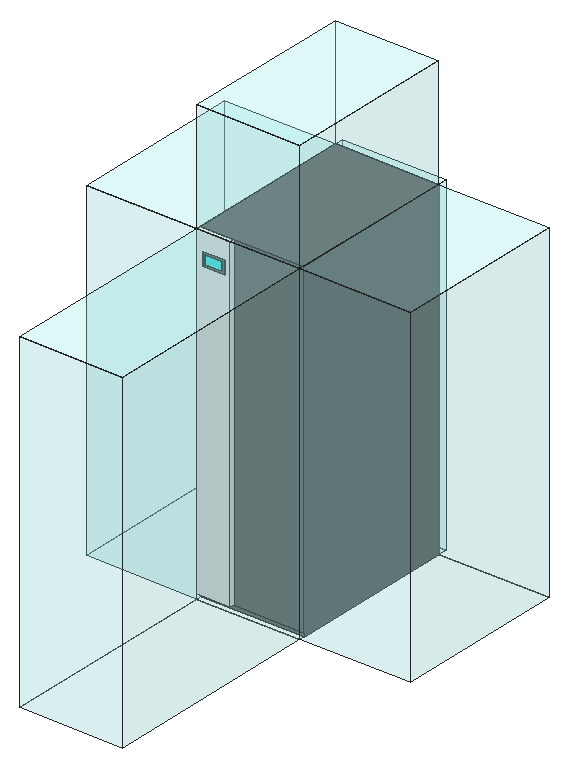
Revit family "Legrand-Ups-Keor_HPE-60_500kVA", category Apparecchi elettrici, Revit 2018
Family settings
  Mantenere orientamento annotazione = No
  Quota connettore circolare = Usa diametro
  Tipo di parte = Normale
  Numero OmniClass = 23.80.10.17.34
  Titolo OmniClass = Static Uninterruptible Power Supplies
  Basato su piano di lavoro = No
  Sempre verticale = Sì
  Taglio con vuoti quando caricato = No
  Condiviso = No
  Punto di calcolo locali = No
Parameters (values of type "LG-960572")
  Visibilità aree d'installazione = yes
  URL = "https://ups.legrand.com/it/prodotti/keor-hp"
  Top clearance = 600 mm
  Produttore = "LEGRAND"
  Output power factor = 1
  Output Voltage = "380,400,415 Vac"
  Operating temperature = "from 0°C to +40°C"
  Operating altitude = "up to 1000 m altitude without derating"
  Modello = "KEOR HP"
  Max sound pressure level = "< 65 dB at 1m"
  Installation type = "On the floor"
  Installation space = 0.52 m³
  Input / Output phase configuration = "3ph+N+PE/3ph+N+PE"
  Humidity = "0-95% not condensing"
  Frequency of use = "50 Hz or 60 Hz selectable"
  Connection constraint (signal) = "Ahead and above/bottom"
  Connection constraint = "Ahead and bottom"
  Conductors = "Cables"
  Cabinet Depth = 940 mm
  Nominal Power = 200 kVA
  Weight = 720.0 kg
  Cabinet Width = 560 mm
  Battery number (9Ah) = 0
  Back Clearance = 50 mm
  Side Clearance = 600 mm
  Front Clearance = 1200 mm
  Cabinet Height = 1800 mm
  Active power of use = 200 kW
Types (14, lengths in mm): name | Max sound pressure level | Installation space | Cabinet Depth | Nominal Power | Weight | Cabinet Width | Battery number (9Ah) | Side Clearance | Cabinet Height | Active power of use
  (no name) | "< 65 dB at 1m" | 0.52 m³ | 940 | 200 kVA | 720.0 kg | 560 | 0 | 600 | 1800 | 200 kW
  LG-311087 | "< 60 dB at 1m" | 0.52 m³ | 940 | 60 kVA | 225.0 kg | 560 | 0 | 600 | 1500 | 60 kW
  LG-960569 | "< 60 dB at 1m" | 0.52 m³ | 940 | 100 kVA | 320.0 kg | 560 | 0 | 600 | 1800 | 100 kW
  LG-311088 | "< 60 dB at 1m" | 0.52 m³ | 940 | 60 kVA | 525.0 kg | 560 | 120 | 600 | 1500 | 60 kW
  LG-311089 | "< 60 dB at 1m" | 0.52 m³ | 940 | 60 kVA | 675.0 kg | 560 | 180 | 600 | 1500 | 60 kW
  LG-311090 | "< 60 dB at 1m" | 0.52 m³ | 940 | 80 kVA | 250.0 kg | 560 | 0 | 600 | 1500 | 80 kW
  LG-311091 | "< 60 dB at 1m" | 0.52 m³ | 940 | 80 kVA | 700.0 kg | 560 | 180 | 600 | 1500 | 80 kW
  LG-953502 | "< 72 dB at 1m" | 1.38 m³ | 970 | 400 kVA | 1080.0 kg | 1430 | 0 | 50 | 1978 | 400 kW
  LG-953503 | "< 72 dB at 1m" | 1.38 m³ | 970 | 500 kVA | 1250.0 kg | 1430 | 0 | 50 | 1978 | 500 kW
  LG-960570 | "< 60 dB at 1m" | 0.52 m³ | 940 | 125 kVA | 360.0 kg | 560 | 0 | 600 | 1800 | 125 kW
  LG-960571 | "< 60 dB at 1m" | 0.52 m³ | 940 | 160 kVA | 380.0 kg | 560 | 0 | 600 | 1800 | 160 kW
  LG-960572 | "< 65 dB at 1m" | 0.52 m³ | 940 | 200 kVA | 720.0 kg | 560 | 0 | 600 | 1800 | 200 kW
  LG-953500 | "< 65 dB at 1m" | 0.821 m³ | 966 | 250 kVA | 850.0 kg | 850 | 0 | 600 | 1975 | 250 kW
  LG-953501 | "< 65 dB at 1m" | 0.52 m³ | 966 | 300 kVA | 900.0 kg | 850 | 0 | 600 | 1975 | 300 kW
Reference planes
  plane 1 "Centro (Fronte/Retro)": y = 0
  plane 2: z = 0
  plane 3 "Centro (Sinistra/Destra)": x = -241.355
  plane 4 "PIANO TETTO ARMADIO": z = 1800
  plane 5 "xyz": z = 2400
  plane 6 "back": y = 470
  plane 7 "lato destro": x = 38.645
  plane 8 "piano frontale": y = -470
  plane 9 "lato sinistro": x = -521.355
  plane 10: y = -1670
  plane 11: x = -1121.355
  plane 12: x = 638.645
  plane 13: y = 520
Forms (mm)
  Extrusion 1, solid, material "BOX"
    sketch origin (-1336.619, -420, 1200) x (-1, 0, 0) y (0, 0, 1)
      loop
        line (-815.265, 600) -> (-1375.265, 600) -> (-1375.265, -1200) -> (-815.265, -1200) -> (-815.265, 600)
    from -24.502 to 890
  Extrusion 2, solid
    sketch origin (-1076.619, -465, 1454) x (1, 0, 0) y (0, 0, 1)
      loop
        line (735.265, 346) -> (555.265, 346) -> (555.265, -1454) -> (735.265, -1454) -> (735.265, 346)
    from -20.498 to 5
  Extrusion 3, void
    sketch origin (0, -470, 0) x (1, 0, 0) y (0, 0, 1)
      loop
        line (-491.355, 1700) -> (-491.355, 1630) -> (-371.355, 1630) -> (-371.355, 1700) -> (-491.355, 1700)
    from -25.498 to 0
  Extrusion 4, solid, visible <- "Visibilità aree d'installazione"
    sketch origin (0, 0, 0) x (1, 0, 0) y (0, 1, 0)
      loop
        line (-521.355, -1670) -> (38.645, -1670) -> (38.645, -470) -> (-521.355, -470) -> (-521.355, -1670)
    from 0 to 1800
  Extrusion 5, solid
    sketch origin (0, -470, 0) x (1, 0, 0) y (0, 0, 1)
      loop
        line (-491.355, 1700) -> (-491.355, 1630) -> (-371.355, 1630) -> (-371.355, 1700) -> (-491.355, 1700)
      loop
        line (-477.355, 1687.5) -> (-477.355, 1642.5) -> (-385.355, 1642.5) -> (-385.355, 1687.5) -> (-477.355, 1687.5)
    from -25.498 to 0
  Extrusion 6, solid
    sketch origin (0, -470, 0) x (1, 0, 0) y (0, 0, 1)
      loop
        line (-477.355, 1642.5) -> (-385.355, 1642.5) -> (-385.355, 1687.5) -> (-477.355, 1687.5) -> (-477.355, 1642.5)
    from -25.498 to 0
  Extrusion 7, solid, visible <- "Visibilità aree d'installazione"
    sketch origin (0, 0, 2400) x (-1, 0, 0) y (0, -1, 0)
      loop
        line (521.355, -470) -> (521.355, 470) -> (-38.645, 470) -> (-38.645, -470) -> (521.355, -470)
    from -600 to 0
  Extrusion 8, solid, visible <- "Visibilità aree d'installazione"
    sketch origin (-241.355, 0, 0) x (0, 1, 0) y (0, 0, 1)
      loop
        line (-470, 1800) -> (-470, 0) -> (470, 0) -> (470, 1800) -> (-470, 1800)
    from 280 to 880
  Extrusion 9, solid, visible <- "Visibilità aree d'installazione"
    sketch origin (0, 0, 0) x (1, 0, 0) y (0, 1, 0)
      loop
        line (-521.355, 470) -> (38.645, 470) -> (38.645, 520) -> (-521.355, 520) -> (-521.355, 470)
    from 0 to 1800
  Extrusion 10, solid, visible <- "Visibilità aree d'installazione"
    sketch origin (0, -470, 0) x (1, 0, 0) y (0, 0, 1)
      loop
        line (-1121.355, 1800) -> (-1121.355, 0) -> (-521.355, 0) -> (-521.355, 1800) -> (-1121.355, 1800)
    from -940 to 0
  Extrusion 11, void
    sketch origin (0, -470, 0) x (1, 0, 0) y (0, 0, 1)
      loop
        line (-521.355, 0) -> (38.645, 0) -> (38.645, 25) -> (-521.355, 25) -> (-521.355, 0)
    from -29.981 to 0
Cuts and joins
  Extrusion 3, Extrusion 11 cuts Extrusion 2
  Extrusion 11 cuts Extrusion 1
  Extrusion 11 cuts Extrusion 4
  Extrusion 11 cuts Extrusion 8
  Extrusion 11 cuts Extrusion 10
Lines and regions (mm)
  model lines
    curve 1: line (-521.355, 470, 0) -> (38.645, 470, 0)
    curve 2: line (-521.355, -444.502, 0) -> (-521.355, 470, 0)
    curve 3: line (38.645, -444.502, 0) -> (-521.355, -444.502, 0)
    curve 4: line (38.645, 470, 0) -> (38.645, -444.502, 0)
Dimensions and locks
  "Cabinet Height": plane 4 "PIANO TETTO ARMADIO" to level
  "Top clearance": plane 5 "xyz" to plane 4 "PIANO TETTO ARMADIO"
  "Cabinet Depth": plane 6 "back" to plane 8 "piano frontale"
  equal spacing: plane 9 "lato sinistro", plane 3 "Centro (Sinistra/Destra)", plane 7 "lato destro"
  equal spacing: plane 6 "back", plane 1 "Centro (Fronte/Retro)", plane 8 "piano frontale"
  locked: Extrusion 1 sketch curve to plane 4 "PIANO TETTO ARMADIO" at 0
  locked: Extrusion 1 sketch curve to level
  plane 4 "PIANO TETTO ARMADIO" to Extrusion 3 sketch curve to Extrusion 3 sketch curve = 100 mm locked, 70 mm locked
  Extrusion 3 sketch curve to Extrusion 3 sketch curve to plane 9 "lato sinistro" = 120 mm locked, 30 mm locked
  "Front Clearance": plane 10 to plane 8 "piano frontale"
  plane 8 "piano frontale" to plane 1 "Centro (Fronte/Retro)" = 470 mm
  locked: Extrusion 5 sketch curve to cut or joined group of Extrusion 2, Extrusion 3, Extrusion 11 at 14  (x2)
  locked: cut or joined group of Extrusion 2, Extrusion 3, Extrusion 11 to Extrusion 5 sketch curve at 12.5
  locked: Extrusion 5 sketch curve to cut or joined group of Extrusion 2, Extrusion 3, Extrusion 11 at 12.5
  "Back Clearance": plane 13 to plane 6 "back"
  "Side Clearance": plane 9 "lato sinistro" to plane 11
  "Side Clearance": plane 12 to plane 7 "lato destro"
  "Cabinet Width": plane 9 "lato sinistro" to plane 7 "lato destro"
  level to Extrusion 2 = 1800 mm
  locked: plane 8 "piano frontale" to cut or joined group of Extrusion 2, Extrusion 3, Extrusion 11 at 25.498
  locked: cut or joined group of Extrusion 2, Extrusion 3, Extrusion 11 to plane 9 "lato sinistro" at 180
  locked: cut or joined group of Extrusion 4, Extrusion 11 to cut or joined group of Extrusion 4, Extrusion 11 at 25
  locked: plane 8 "piano frontale" to cut or joined group of Extrusion 1, Extrusion 11 at 29.981
  aligned and locked: level to plane 2
  aligned and locked: Extrusion 2 to level
  aligned and locked: plane 4 "PIANO TETTO ARMADIO" to Extrusion 2
  aligned and locked: Extrusion 3 to curve 2
  aligned and locked: plane 8 "piano frontale" to Extrusion 3
  aligned and locked: Extrusion 4 sketch curve to plane 10
  aligned and locked: Extrusion 4 sketch curve to plane 9 "lato sinistro"
  aligned and locked: Extrusion 4 sketch curve to plane 8 "piano frontale"
  aligned and locked: plane 7 "lato destro" to Extrusion 4 sketch curve
  aligned and locked: Extrusion 4 to level
  aligned and locked: plane 4 "PIANO TETTO ARMADIO" to Extrusion 4
  aligned and locked: Extrusion 5 sketch curve to cut or joined group of Extrusion 2, Extrusion 3, Extrusion 11  (x4)
  aligned and locked: plane 8 "piano frontale" to Extrusion 5
  aligned and locked: Extrusion 5 to curve 2
  aligned and locked: plane 8 "piano frontale" to Extrusion 6
  aligned and locked: Extrusion 6 to curve 2
  aligned and locked: Extrusion 7 sketch curve to plane 6 "back"
  aligned and locked: plane 9 "lato sinistro" to Extrusion 7 sketch curve
  aligned and locked: Extrusion 7 sketch curve to plane 8 "piano frontale"
  aligned and locked: Extrusion 7 sketch curve to plane 7 "lato destro"
  aligned and locked: Extrusion 7 to plane 4 "PIANO TETTO ARMADIO"
  aligned and locked: plane 5 "xyz" to Extrusion 7
  aligned and locked: Extrusion 8 to plane 7 "lato destro"
  aligned and locked: plane 12 to Extrusion 8
  aligned and locked: plane 7 "lato destro" to Extrusion 9 sketch curve
  aligned and locked: Extrusion 9 to level
  aligned and locked: plane 11 to Extrusion 10 sketch curve
  aligned and locked: Extrusion 10 sketch curve to curve 1
  aligned and locked: plane 6 "back" to Extrusion 10
  aligned and locked: plane 8 "piano frontale" to Extrusion 10
  aligned and locked: plane 4 "PIANO TETTO ARMADIO" to Extrusion 9
  aligned and locked: Extrusion 9 to plane 9 "lato sinistro"
  aligned and locked: plane 13 to Extrusion 9
  aligned and locked: Extrusion 9 to plane 6 "back"
  aligned and locked: plane 8 "piano frontale" to Extrusion 8
  aligned and locked: plane 4 "PIANO TETTO ARMADIO" to Extrusion 10
  aligned and locked: plane 4 "PIANO TETTO ARMADIO" to Extrusion 8
  aligned and locked: Extrusion 8 to level
  aligned and locked: plane 7 "lato destro" to Extrusion 1
  aligned and locked: Extrusion 1 to plane 9 "lato sinistro"
  aligned and locked: plane 8 "piano frontale" to Extrusion 2
  aligned and locked: Extrusion 5 to Extrusion 1
  aligned and locked: Extrusion 6 to Extrusion 5
  aligned and locked: Extrusion 2 to plane 9 "lato sinistro"
  aligned and locked: Extrusion 1 to Extrusion 11 sketch curve
  aligned and locked: plane 7 "lato destro" to Extrusion 11 sketch curve
  aligned and locked: Extrusion 11 to level
  aligned and locked: plane 8 "piano frontale" to Extrusion 11
  aligned and locked: plane 6 "back" to Extrusion 1
  aligned and locked: Extrusion 1 to cut or joined group of Extrusion 2, Extrusion 3, Extrusion 11
Automatic sketch dimensions
  plane 7 "lato destro" to Extrusion 1 sketch curve = 0 mm
  plane 9 "lato sinistro" to Extrusion 1 sketch curve = 0 mm
  Extrusion 5 sketch curve to Extrusion 5 sketch curve = 14 mm
  plane 4 "PIANO TETTO ARMADIO" to Extrusion 8 sketch curve = 0 mm
  plane 13 to Extrusion 9 sketch curve = 0 mm
  Extrusion 8 sketch curve to level = 0 mm
  Extrusion 9 sketch curve to plane 6 "back" = 0 mm
  plane 4 "PIANO TETTO ARMADIO" to Extrusion 10 sketch curve = 0 mm
  curve 2 to plane 6 "back" = 0 mm
  curve 3 to plane 9 "lato sinistro" = 0 mm
  curve 3 to plane 7 "lato destro" = 0 mm
  plane 9 "lato sinistro" to Extrusion 9 sketch curve = 0 mm
  plane 1 "Centro (Fronte/Retro)" to Extrusion 8 sketch curve = 470 mm
  curve 4 to plane 8 "piano frontale" = 25.498 mm
  Extrusion 8 sketch curve to plane 6 "back" = 0 mm
  Extrusion 10 sketch curve to plane 9 "lato sinistro" = 0 mm
  plane 4 "PIANO TETTO ARMADIO" to Extrusion 2 sketch curve = 0 mm
  plane 9 "lato sinistro" to Extrusion 2 sketch curve = 180 mm
  level to Extrusion 2 sketch curve = 0 mm
  Extrusion 2 sketch curve to Extrusion 2 sketch curve = 180 mm
  plane 9 "lato sinistro" to Extrusion 6 sketch curve = 44 mm
  Extrusion 6 sketch curve to Extrusion 6 sketch curve = 92 mm
  Extrusion 6 sketch curve to plane 4 "PIANO TETTO ARMADIO" = 157.5 mm
  Extrusion 6 sketch curve to Extrusion 6 sketch curve = 45 mm
  Extrusion 11 sketch curve to level = 0 mm
  level to Extrusion 11 sketch curve = 25 mm
